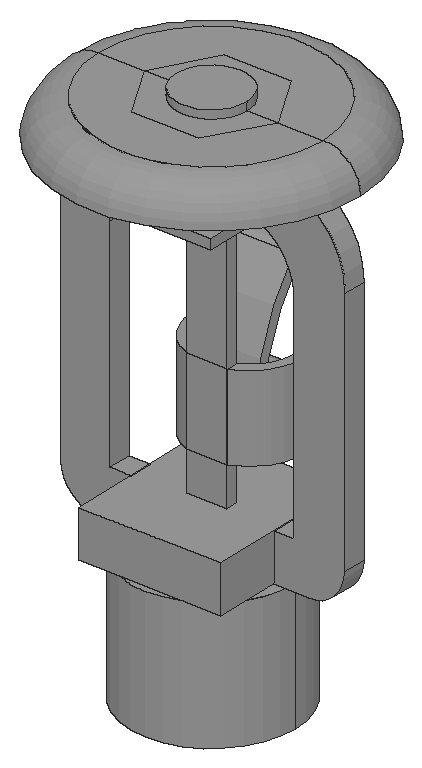
Revit family
Parameters (values of type "RASCO G UPRIGHT")
  Temperature Rating = 165 °F
  Response = (empty or 0)
  RASCO SIN # = "R1025"
  RASCO Part # = "GU1B"
  Pressure Rating = "175 PSI"
  Pressure Class = (empty or 0)
  Orifice Size = 1/2"
  Orifice = (empty or 0)
  Model = "G"
  Manufacturer = "RASCO"
  K-Factor = 5.62
  Description = "Brz. Finish"
  Coverage = (empty or 0)
Reference planes (in)
  plane 1 "Center (Front/Back)": y = 0
  plane 2: z = 0
  plane 3 "Center (Left/Right)": x = 0
Dimensions and locks (in)
  aligned and locked: plane 2 to level
Nested families (in)
  nested 1: "GU1B" at (0.1295, -5.92382, 0), type "RASCO G UPRIGHT"
Connectors (in)
  piping at (0.1295, -5.92382, 0)
    settings: on nested 1, index 1, connector radius 0.45", flow factor 0, pipe flow 0 GPM, pressure drop 0.00 psi, fitting loss kfactor 0, connector angle 0.00°, fixture units 0, flow configuration 0, flow direction 0, fitting loss method 0, system type 7, connector reference index -1, connector utility 0, adjustable connector no, is connector primary yes, fitting loss table "", connector description ""
Definition of nested family "GU1B"
  Parameters (values of type "RASCO G UPRIGHT")
    Type Comments = ""
    Temperature Rating = 0 °F
    Response = (empty or 0)
    Pressure Rating = "0"
    Pressure Class = (empty or 0)
    Orifice Size = 0"
    Orifice = (empty or 0)
    Model = ""
    Manufacturer = ""
    K-Factor = 0
    Description = ""
    Coverage = (empty or 0)
    Assembly Code = ""
  Reference planes (in)
    plane 1 "Center (Front/Back)": y = 0
    plane 2: z = 0
    plane 3 "ref.2": z = 0.6875
    plane 4 "ref.3": z = 0.9375
    plane 5: x = -0.38065
    plane 6: x = 0.36935
    plane 7 "ref. side 1": y = 0.06402
    plane 8 "ref. side 2": y = -0.06098
    plane 9 "ref.4": z = 1.875
    plane 10 "ref.5": z = 2.875
    plane 11 "center": x = -0.00574
  Forms (in)
    Extrusion 1, solid, material "Default"
      sketch origin (0, 0, 0) x (1, 0, 0) y (0, 1, 0)
        loop
          circle (0, 0) r 0.438
      from 0 to 0.6875
    Extrusion 2, solid, material "Default"
      sketch origin (-0.12185, 0.05177, 0.6875) x (1, 0, 0) y (0, 1, 0)
        loop
          line (-0.2588, 0.356) -> (-0.2588, -0.4565) -> (0.4912, -0.4565) -> (0.4912, 0.356) -> (-0.2588, 0.356)
      from 0 to 0.25
    Extrusion 3, solid, material "Default"
      sketch origin (0, 0, 0) x (1, 0, 0) y (0, 0, 1)
        loop
          line (-0.49248, 0.9375) -> (-0.49248, 2.10276)
          arc (-0.49248, 2.10276) -> (-0.40724, 2.30855) -> (-0.20145, 2.39379) r 0.29103
          line (-0.20145, 2.39379) -> (0.18108, 2.39379)
          arc (0.18108, 2.39379) -> (0.38905, 2.30765) -> (0.47519, 2.09969) r 0.29411
          line (0.47519, 2.09969) -> (0.47519, 0.9375) -> (0.36935, 0.9375) -> (0.36935, 0.6875) -> (0.55741, 0.6875)
          arc (0.55741, 0.6875) -> (0.69165, 0.7431) -> (0.74725, 0.87734) r 0.18984
          line (0.74725, 0.87734) -> (0.74725, 2.19113)
          arc (0.74725, 2.19113) -> (0.61669, 2.50631) -> (0.3015, 2.63687) r 0.44574
          line (0.3015, 2.63687) -> (-0.30719, 2.63687)
          arc (-0.30719, 2.63687) -> (-0.62225, 2.50637) -> (-0.75275, 2.19131) r 0.44556
          line (-0.75275, 2.19131) -> (-0.75275, 0.87876)
          arc (-0.75275, 0.87876) -> (-0.69673, 0.74352) -> (-0.56149, 0.6875) r 0.19126
          line (-0.56149, 0.6875) -> (-0.38065, 0.6875) -> (-0.38065, 0.9375) -> (-0.49248, 0.9375)
      from -0.06402 to 0.06098
    Extrusion 4, solid, material "Default"
      sketch origin (-0.00199, 0, 2.4375) x (-1, 0, 0) y (0, -1, 0)
        loop
          circle (0.00574, -0.00152) r 0.1875
      from -0.04371 to 0.4375
    Revolve 5, solid, material "Default"
      sketch origin (-0.0011, 0, 0.30638) x (1, 0, 0) y (0, 0, 1)
        loop
          line (-0.19255, 2.33367) -> (-0.19255, 2.52696) -> (-0.35809, 2.52696) -> (-0.59714, 2.52696)
          arc (-0.59714, 2.52696) -> (-0.73508, 2.47056) -> (-0.79397, 2.33367) r 0.19686
          line (-0.79397, 2.33367) -> (-0.19255, 2.33367)
        axis (-0.00574, 2.33367) -> (-0.00574, 2.52696)
      angle from 0 to 360
    Extrusion 6, solid, material "Default"
      sketch origin (0, 0, 0.9375) x (-1, 0, 0) y (0, -1, 0)
        loop
          line (-0.10175, -0.02852) -> (0.11324, -0.02852) -> (0.11324, 0.03101) -> (-0.10175, 0.03101) -> (-0.10175, -0.02852)
      from 0 to 1.45629
    Extrusion 7, solid, material "Default"
      sketch origin (-0.00574, -0.0095, -0.07537) x (0, 0, -1) y (0, -1, 0)
        loop
          line (-2.39379, 0.21198) -> (-2.39379, -0.229)
          arc (-2.39379, -0.229) -> (-2.26956, -0.41579) -> (-2.04926, -0.37342) r 0.20254
          arc (-2.04926, -0.37342) -> (-1.6599, -0.16721) -> (-1.22163, -0.12207) r 1.15319
          line (-1.22163, -0.12207) -> (-1.22163, -0.07087)
          arc (-1.22163, -0.07087) -> (-1.6782, -0.11947) -> (-2.0834, -0.33544) r 1.20419
          arc (-2.0834, -0.33544) -> (-2.24878, -0.36919) -> (-2.34279, -0.229) r 0.15154
          line (-2.34279, -0.229) -> (-2.34279, 0.21198) -> (-2.39379, 0.21198)
      from -0.17255 to 0.17398
    Extrusion 8, solid, material "Default"
      sketch origin (0, 0, 0) x (1, 0, 0) y (0, 1, 0)
        loop
          arc (0.23993, 0.23051) -> (0.19768, 0.11115) -> (0.10175, 0.02852) r 0.24647
          line (0.10175, 0.02852) -> (-0.11324, 0.02852)
          arc (-0.11324, 0.02852) -> (-0.21767, 0.12447) -> (-0.25194, 0.2621) r 0.24647
          line (-0.25194, 0.2621) -> (-0.25194, 0.40777) -> (-0.30719, 0.40777) -> (-0.30719, 0.25942)
          arc (-0.30719, 0.25942) -> (-0.25653, 0.08328) -> (-0.11324, -0.03101) r 0.30157
          line (-0.11324, -0.03101) -> (0.10175, -0.03101)
          arc (0.10175, -0.03101) -> (0.24461, 0.08262) -> (0.29574, 0.25785) r 0.30157
          line (0.29574, 0.25785) -> (0.29574, 0.40777) -> (0.23993, 0.40777) -> (0.23993, 0.23051)
      from 1.14626 to 1.59756
    Extrusion 9, solid, material "Default"
      sketch origin (-0.00574, -0.0095, -0.07537) x (0, 0, -1) y (0, -1, 0)
        loop
          circle (-1.44728, -0.26892) r 0.13147
      from -0.24568 to 0.24619
  Cuts and joins
    joined: Extrusion 1, Extrusion 2, Revolve 5
  Dimensions and locks (in)
    Revolve 5 sketch curve to Revolve 5 sketch curve = 0.78823"
    plane 10 "ref.5" to level = 2.875"
